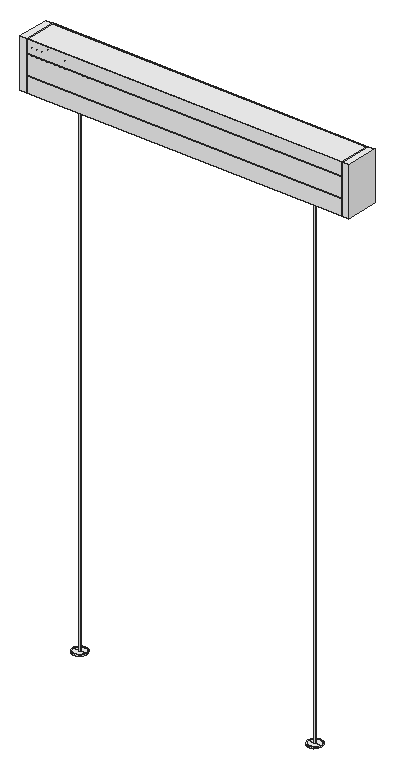
Revit family "2.3 inch  MAGIC WALL WASH LINEAR LIGHT", category Lighting Fixtures, host Face, Revit 2020 (continued)
Types (17): name | Wattage Comments | Wattage | Wall Mount | Suspenders Distance | Surface Mount | Recessed Mount | Photometric Web File | Pendent Mount | Order number | built-in parameter 1150142 | Model | built-in parameter 1150105 | Lumens | Light Source Height | Light Source Distance | built-in parameter 1150106 | Fixture Length
    81.82   757.25   732.78   708.56   684.73   \r\n 661.76   639.07   616.75   594.82   573.15   552.07   531.44   511.12   490.86   470.89   \r\n 451.24   432.56   414.20   396.28   378.47   360.98   343.80   327.24   310.99   295.04   \r\n 279.45   264.17   249.15   234.40   220.03   205.93   192.09   178.53   165.72   154.04   \r\n 142.54   131.22   120.10   109.16   98.37    87.74    77.25    66.89    56.69    46.60    \r\n 39.48    35.65    31.90    28.23    24.62    21.07    17.57    14.10    10.66    7.24     \r\n 3.83     3.65     3.47     3.28     3.10     2.92     2.73     2.55     2.36     2.18     \r\n 1.99     1.85     1.74     1.64     1.54     1.44     1.34     1.24     1.14     1.04     \r\n 0.94     0.85     0.75     0.70     0.68     0.66     0.64     0.63     0.62     0.61     \r\n 0.61     0.61     0.61     0.62     0.62     0.63     0.65     0.66     0.67     0.68     \r\n 0.69     0.70     0.71     0.72     0.73     0.74     0.75     0.77     0.78     0.79     \r\n 0.80     0.81     0.83     0.84     0.86     0.87     0.88     0.89     0.90     0.92     \r\n 0.94     0.96     0.97     0.98     0.99     1.02     1.04     1.05     1.06     1.07     \r\n 1.09     1.10     1.12     1.14     1.16     1.17     1.19     1.20     1.22     1.24     \r\n 1.26     1.28     1.29     1.31     1.33     1.35     1.37     1.39     1.41     1.43     \r\n 1.45     1.47     1.49     1.51     1.53     1.55     1.57     1.59     1.61     1.64     \r\n 1.66     1.68     1.70     1.72     1.74     1.76     1.78     1.80     1.82     1.85     \r\n 1.87     1.89     1.91     1.94     1.96     1.99     2.01     2.04     2.07     2.09     \r\n 2.11     2.14     2.17     2.20     2.22     2.25     2.27     2.30     2.33     2.35     \r\n 2.38     2.41     2.44     2.47     2.50     2.53     2.56     2.59     2.62     2.66     \r\n 2.69     2.72     2.74     2.77     2.81     2.84     2.87     2.90     2.93     2.97     \r\n 3.00     3.03     3.07     3.10     3.13     3.16     3.20     3.24     3.27     3.31     \r\n 3.34     3.38     3.41     3.45     3.48     3.52     3.55     3.59     3.62     3.66     \r\n 3.70     3.73     3.77     3.80     3.84     3.87     3.90     3.94     3.97     4.00     \r\n 4.26     \r\n1793.11  1805.46  1817.74  1829.18  1840.41  1851.21  1861.71  1871.88  1881.49  1890.95  \r\n 1899.86  1908.75  1917.54  1926.29  1934.60  1942.73  1950.49  1957.96  1965.24  1972.20  \r\n 1979.08  1985.31  1991.49  1997.49  2003.45  2009.12  2014.64  2019.69  2024.26  2028.85  \r\n 2033.48  2038.07  2041.94  2045.79  2049.14  2052.38  2055.30  2057.96  2060.35  2062.26  \r\n 2064.20  2066.85  2069.50  2070.82  2071.93  2072.43  2072.63  2072.60  2072.22  2071.63  \r\n 2070.20  2068.72  2067.00  2065.18  2062.96  2060.58  2058.00  2055.16  2051.96  2046.85  \r\n 2041.67  2036.80  2031.90  2025.95  2019.29  2011.73  2001.72  1991.56  1979.75  1967.87  \r\n 1955.40  1942.68  1929.69  1916.42  1903.04  1889.03  1874.91  1859.78  1844.34  1828.41  \r\n 1811.97  1795.37  1778.05  1760.63  1742.43  1724.05  1705.15  1685.50  1665.77  1645.47  \r\n 1625.18  1604.78  1584.25  1563.38  1541.61  1519.85  1497.39  1474.80  1452.28  1429.88  \r\n 1407.49  1384.81  1362.13  1339.01  1315.32  1291.65  1268.02  1244.45  1219.14  1191.38  \r\n 1163.83  1136.86  1110.12  1083.52  1057.14  1030.95  1004.41  977.74   951.31   925.63   \r\n 900.25   875.03   849.64   824.50   800.04   776.40   753.01   729.43   705.81   682.47   \r\n 659.78   637.56   615.64   593.86   572.24   551.26   531.05   511.40   491.99   472.79   \r\n 453.73   434.93   416.38   398.09   380.05   362.28   344.89   328.07   311.48   295.14   \r\n 279.00   263.04   247.33   232.80   219.74   206.97   194.37   181.92   169.63   157.48   \r\n 145.49   133.62   121.89   110.28   98.78    87.39    76.12    64.94    59.43    54.47    \r\n 49.59    44.78    40.04    35.36    30.72    26.14    21.59    17.07    12.57    8.09     \r\n 3.61     3.45     3.28     3.12     2.95     2.78     2.62     2.45     2.28     2.12     \r\n 1.95     1.78     1.61     1.45     1.37     1.30     1.22     1.15     1.08     1.01     \r\n 0.95     0.88     0.82     0.77     0.71     0.66     0.61     0.56     0.55     0.56     \r\n 0.57     0.58     0.59     0.60     0.61     0.63     0.64     0.65     0.67     0.69     \r\n 0.70     0.72     0.74     0.75     0.77     0.78     0.80     0.81     0.82     0.83     \r\n 0.85     0.86     0.87     0.89     0.90     0.91     0.92     0.93     0.95     0.96     \r\n 0.98     0.99     1.00     1.01     1.02     1.04     1.05     1.07     1.09     1.10     \r\n 1.12     1.13     1.15     1.16     1.18     1.20     1.21     1.23     1.25     1.27     \r\n 1.29     1.30     1.32     1.34     1.36     1.38     1.40     1.41     1.43     1.46     \r\n 1.48     1.49     1.51     1.53     1.55     1.57     1.59     1.62     1.64     1.66     \r\n 1.68     1.70     1.72     1.74     1.77     1.79     1.81     1.84     1.86     1.89     \r\n 1.92     1.94     1.97     2.00     2.03     2.06     2.09     2.11     2.13     2.16     \r\n 2.19     2.21     2.23     2.26     2.28     2.31     2.33     2.36     2.39     2.42     \r\n 2.44     2.47     2.50     2.52     2.55     2.58     2.61     2.65     2.68     2.71     \r\n 2.73     2.76     2.79     2.82     2.85     2.88     2.91     2.94     2.97     3.01     \r\n 3.04     3.07     3.10     3.13     3.16     3.20     3.23     3.27     3.30     3.33     \r\n 3.37     3.40     3.43     3.47     3.50     3.54     3.57     3.60     3.64     3.67     \r\n 3.71     3.74     3.78     3.81     3.84     3.88     3.91     3.94     3.97     4.00     \r\n 4.26     \r\n1793.11  1804.77  1816.34  1827.20  1837.76  1848.05  1857.92  1867.72  1876.71  1885.65  \r\n 1894.12  1902.42  1910.67  1918.81  1926.85  1934.37  1941.81  1948.81  1955.69  1962.34  \r\n 1968.79  1975.11  1980.73  1986.30  1991.75  1997.17  2002.32  2007.24  2011.95  2016.06  \r\n 2020.16  2024.30  2028.44  2032.15  2035.51  2038.74  2041.61  2044.48  2046.70  2048.77  \r\n 2050.41  2051.65  2053.02  2055.28  2057.55  2058.39  2058.89  2059.07  2058.93  2058.71  \r\n 2057.89  2057.03  2055.39  2053.45  2051.31  2048.84  2046.27  2041.44  2035.21  2028.60  \r\n 2021.67  2014.27  2005.22  1996.14  1987.14  1978.10  1968.52  1958.01  1947.45  1936.58  \r\n 1925.60  1913.84  1901.24  1888.54  1875.19  1861.77  1848.22  1834.58  1820.84  1805.93  \r\n 1790.90  1775.28  1759.20  1743.00  1726.14  1709.22  1691.76  1673.77  1655.68  1637.49  \r\n 1619.32  1600.54  1580.72  1560.85  1540.93  1521.02  1501.02  1480.41  1459.74  1435.23  \r\n 1409.55  1383.93  1357.82  1331.69  1305.68  1279.94  1254.29  1228.68  1203.01  1177.46  \r\n 1151.65  1125.65  1099.82  1074.11  1048.53  1023.10  997.66   972.37   947.31   922.33   \r\n 897.47   872.77   848.52   824.57   800.81   776.98   753.20   729.70   706.97   684.89   \r\n 663.04   641.43   619.56   597.97   576.65   555.92   535.71   515.73   495.98   476.30   \r\n 456.86   437.70   418.82   400.24   381.89   363.76   345.85   328.28   311.56   297.11   \r\n 282.80   268.65   254.59   240.67   226.92   213.32   199.87   186.55   173.35   160.30   \r\n 147.38   134.60   121.94   109.40   96.98    86.35    80.55    74.80    69.10    63.45    \r\n 57.84    52.28    46.76    41.27    35.81    30.37    24.96    19.56    14.17    8.80     \r\n 3.43     3.27     3.12     2.96     2.81     2.65     2.49     2.34     2.18     2.02     \r\n 1.87     1.71     1.55     1.40     1.24     1.08     1.01     0.97     0.94     0.90     \r\n 0.87     0.84     0.81     0.78     0.76     0.73     0.70     0.68     0.66     0.64     \r\n 0.62     0.61     0.59     0.60     0.61     0.63     0.64     0.65     0.67     0.69     \r\n 0.70     0.72     0.73     0.75     0.77     0.79     0.80     0.82     0.84     0.85     \r\n 0.87     0.89     0.91     0.93     0.94     0.95     0.96     0.97     0.99     1.00     \r\n 1.01     1.02     1.04     1.05     1.06     1.08     1.09     1.11     1.12     1.14     \r\n 1.15     1.17     1.19     1.20     1.22     1.23     1.25     1.27     1.29     1.32     \r\n 1.33     1.34     1.36     1.39     1.41     1.42     1.44     1.45     1.47     1.49     \r\n 1.51     1.53     1.55     1.57     1.60     1.62     1.63     1.65     1.67     1.69     \r\n 1.72     1.74     1.76     1.78     1.81     1.83     1.85     1.88     1.90     1.93     \r\n 1.96     1.99     2.02     2.04     2.07     2.10     2.13     2.16     2.18     2.21     \r\n 2.24     2.27     2.30     2.33     2.35     2.38     2.41     2.43     2.46     2.48     \r\n 2.51     2.53     2.56     2.59     2.62     2.65     2.68     2.70     2.73     2.76     \r\n 2.79     2.81     2.84     2.87     2.90     2.93     2.96     2.99     3.02     3.05     \r\n 3.08     3.11     3.14     3.17     3.20     3.24     3.27     3.30     3.33     3.37     \r\n 3.40     3.43     3.46     3.49     3.53     3.56     3.59     3.62     3.66     3.69     \r\n 3.72     3.76     3.79     3.82     3.85     3.88     3.91     3.95     3.97     4.00     \r\n 4.26     \r\n1793.11  1803.98  1814.76  1824.98  1834.80  1844.52  1853.68  1862.83  1871.41  1879.67  \r\n 1887.75  1895.42  1903.06  1910.58  1918.03  1925.26  1932.05  1938.77  1945.08  1951.32  \r\n 1957.40  1963.30  1969.21  1974.22  1979.15  1984.02  1988.85  1993.62  1997.92  2002.17  \r\n 2006.03  2009.63  2013.23  2016.86  2020.47  2023.58  2026.42  2029.17  2031.63  2034.10  \r\n 2035.96  2037.47  2038.77  2039.37  2039.88  2041.27  2043.13  2044.68  2044.62  2044.49  \r\n 2044.13  2040.02  2035.47  2030.23  2024.92  2019.06  2012.78  2006.45  1999.66  1992.82  \r\n 1985.83  1978.62  1971.31  1963.38  1955.25  1946.63  1937.04  1927.43  1917.67  1907.77  \r\n 1897.73  1886.65  1875.51  1864.13  1852.41  1840.59  1827.71  1814.45  1801.08  1787.20  \r\n 1773.26  1759.32  1745.46  1731.59  1716.59  1700.91  1685.11  1668.69  1652.13  1635.45  \r\n 1618.36  1598.01  1575.41  1552.12  1528.86  1505.82  1483.01  1460.18  1436.49  1412.09  \r\n 1387.72  1363.47  1339.29  1315.14  1290.73  1266.21  1241.75  1217.09  1192.30  1167.57  \r\n 1142.80  1117.99  1093.29  1068.74  1044.39  1020.15  996.02   971.87   947.83   923.92   \r\n 899.98   875.94   852.01   828.28   804.64   781.24   758.06   735.15   712.50   690.08   \r\n 667.87   645.78   623.91   602.30   580.95   559.86   538.99   518.32   497.84   477.62   \r\n 457.67   437.96   418.48   399.23   382.18   366.40   350.77   335.29   319.95   304.67   \r\n 289.50   274.49   259.61   244.89   230.30   215.90   201.64   187.49   173.45   159.51   \r\n 145.66   131.91   118.24   108.01   101.58   95.19    88.85    82.55    76.29    70.06    \r\n 63.88    57.72    51.59    45.49    39.41    33.35    27.30    21.27    15.25    9.23     \r\n 3.22     3.07     2.93     2.79     2.65     2.51     2.36     2.22     2.08     1.93     \r\n 1.79     1.65     1.51     1.36     1.22     1.08     0.94     0.80     0.72     0.71     \r\n 0.70     0.69     0.68     0.67     0.66     0.65     0.64     0.64     0.64     0.64     \r\n 0.64     0.64     0.64     0.64     0.65     0.65     0.66     0.67     0.68     0.70     \r\n 0.71     0.72     0.74     0.76     0.77     0.79     0.81     0.82     0.84     0.86     \r\n 0.88     0.90     0.91     0.93     0.95     0.97     0.99     1.00     1.02     1.04     \r\n 1.06     1.07     1.08     1.09     1.11     1.12     1.14     1.16     1.17     1.19     \r\n 1.21     1.22     1.24     1.25     1.27     1.29     1.30     1.32     1.34     1.35     \r\n 1.37     1.39     1.41     1.43     1.45     1.46     1.49     1.51     1.54     1.55     \r\n 1.57     1.58     1.60     1.62     1.65     1.66     1.68     1.70     1.72     1.75     \r\n 1.77     1.79     1.81     1.83     1.86     1.89     1.92     1.95     1.97     1.99     \r\n 2.01     2.04     2.07     2.09     2.12     2.15     2.17     2.20     2.23     2.26     \r\n 2.28     2.31     2.35     2.38     2.41     2.44     2.47     2.50     2.53     2.56     \r\n 2.59     2.61     2.64     2.66     2.69     2.72     2.74     2.77     2.80     2.83     \r\n 2.85     2.88     2.91     2.93     2.96     2.99     3.02     3.05     3.07     3.10     \r\n 3.13     3.16     3.19     3.22     3.25     3.28     3.31     3.34     3.37     3.40     \r\n 3.43     3.46     3.49     3.53     3.56     3.59     3.62     3.65     3.68     3.71     \r\n 3.74     3.77     3.80     3.83     3.86     3.89     3.92     3.95     3.98     4.00     \r\n 4.26     \r\n1793.11  1803.12  1813.02  1822.53  1831.53  1840.51  1849.02  1857.39  1865.62  1873.15  \r\n 1880.61  1887.78  1894.73  1901.65  1908.41  1915.12  1921.60  1927.64  1933.59  1939.28  \r\n 1944.84  1950.35  1955.65  1960.96  1965.84  1970.12  1974.32  1978.53  1982.72  1986.80  \r\n 1990.43  1993.99  1997.30  2000.37  2003.43  2006.51  2009.56  2012.47  2014.77  2017.03  \r\n 2019.17  2021.21  2023.26  2024.41  2025.31  2026.04  2022.78  2018.34  2014.51  2011.51  \r\n 2008.44  2004.10  1999.20  1994.27  1989.03  1983.72  1978.21  1972.08  1965.89  1959.33  \r\n 1952.37  1945.37  1938.03  1930.48  1922.88  1914.83  1906.61  1898.28  1889.18  1879.97  \r\n 1870.51  1860.48  1850.43  1840.21  1829.59  1818.89  1807.81  1796.24  1784.62  1772.65  \r\n 1760.27  1747.80  1734.70  1721.00  1706.45  1686.89  1667.09  1647.23  1627.44  1607.72  \r\n 1587.90  1567.44  1546.05  1524.65  1503.09  1480.96  1458.78  1436.55  1414.29  1392.03  \r\n 1369.76  1347.06  1324.26  1301.50  1278.80  1256.13  1233.46  1210.74  1187.01  1163.32  \r\n 1139.67  1116.10  1092.61  1069.16  1045.75  1021.78  997.37   973.10   948.93   924.66   \r\n 900.59   876.70   852.99   829.45   806.09   782.91   759.92   737.11   714.48   692.01   \r\n 669.70   647.56   625.58   603.77   582.13   560.62   539.13   517.81   496.64   475.64   \r\n 457.48   440.54   423.73   407.06   390.53   374.13   357.86   341.73   325.71   309.80   \r\n 294.01   278.32   262.75   247.30   231.94   216.67   201.49   186.38   171.35   156.39   \r\n 141.50   130.93   123.95   117.00   110.09   103.22   96.39    89.58    82.80    76.05    \r\n 69.33    62.63    55.95    49.29    42.64    36.01    29.39    22.78    16.17    9.57     \r\n 2.97     2.85     2.72     2.59     2.46     2.34     2.21     2.08     1.95     1.82     \r\n 1.70     1.57     1.44     1.32     1.19     1.07     0.94     0.82     0.70     0.57     \r\n 0.51     0.52     0.53     0.54     0.55     0.55     0.56     0.57     0.58     0.60     \r\n 0.61     0.62     0.63     0.65     0.66     0.67     0.68     0.70     0.71     0.72     \r\n 0.73     0.74     0.76     0.78     0.79     0.81     0.83     0.84     0.86     0.87     \r\n 0.89     0.91     0.93     0.95     0.97     0.99     1.01     1.03     1.05     1.07     \r\n 1.08     1.10     1.12     1.14     1.16     1.18     1.20     1.21     1.23     1.25     \r\n 1.26     1.28     1.29     1.31     1.32     1.34     1.36     1.38     1.40     1.41     \r\n 1.43     1.45     1.46     1.48     1.50     1.52     1.54     1.56     1.58     1.60     \r\n 1.62     1.64     1.66     1.69     1.70     1.72     1.74     1.77     1.79     1.82     \r\n 1.85     1.88     1.90     1.91     1.93     1.95     1.98     2.00     2.03     2.06     \r\n 2.08     2.11     2.13     2.16     2.18     2.21     2.24     2.27     2.29     2.32     \r\n 2.35     2.38     2.41     2.44     2.46     2.49     2.52     2.55     2.58     2.61     \r\n 2.64     2.67     2.71     2.74     2.77     2.80     2.83     2.85     2.88     2.90     \r\n 2.92     2.95     2.98     3.00     3.03     3.06     3.08     3.11     3.13     3.16     \r\n 3.19     3.22     3.25     3.27     3.30     3.33     3.36     3.39     3.41     3.44     \r\n 3.47     3.50     3.53     3.56     3.59     3.61     3.64     3.67     3.70     3.73     \r\n 3.76     3.79     3.82     3.84     3.87     3.90     3.93     3.96     3.98     4.00     \r\n 4.26     \r\n1793.11  1802.18  1811.14  1819.88  1828.00  1836.09  1843.99  1851.52  1859.04  1866.15  \r\n 1872.83  1879.46  1885.78  1891.95  1898.11  1904.10  1910.02  1915.89  1921.15  1926.32  \r\n 1931.38  1936.23  1941.05  1945.79  1950.45  1955.12  1959.32  1962.87  1966.35  1969.86  \r\n 1973.39  1976.88  1979.99  1982.88  1985.70  1988.28  1990.79  1993.29  1995.78  1998.25
